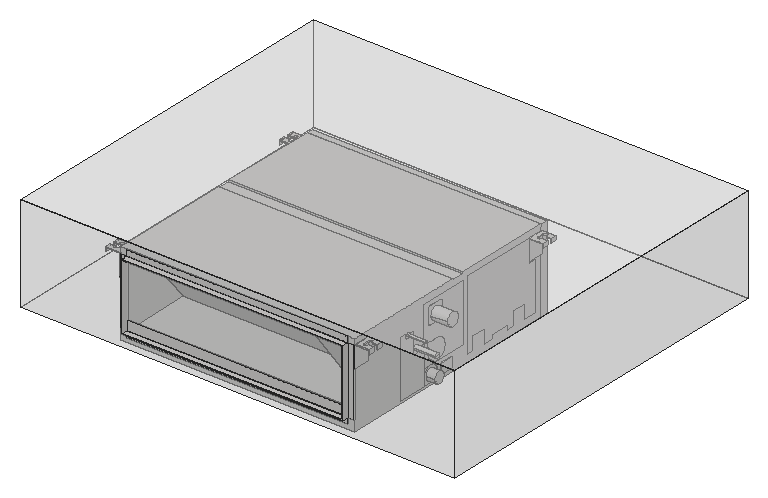
Revit family "outputfile", category 機械設備, Revit 2024
Family settings
  丸型コネクタ寸法 = 半径を使用
  パーツ タイプ = 標準
  OmniClass 番号 = 23.75.10.24.21.27.27
  OmniClass タイトル = Split System Air Conditioning Units
  作業面ベース = いいえ
  常に垂直 = はい
  ロード時にボイドで切り取り = いいえ
  注釈の向きを維持 = いいえ
  共有 = いいえ
  部屋計算ポイント = はい
Parameters (values of type "FDMFC60AV1M")
  Description = ""
  書き出し IFC クラス(タイプ) = "IfcUnitaryEquipmentType"
  定義済み IFC タイプ(タイプ) = "AIRCONDITIONINGUNIT"
  Cost = 0
  Type Comments = ""
  Keynote = ""
  Type Image = (empty or 0)
  Assembly Code = ""
  switch_frequency = yes
  connector_voltage = Voltage_50Hz  # 230 V
  connector_powerinput = [Power Input (Cooling)]  # 0.000 kW
  connector_phase = Phase_50Hz  # 1
  URL = ""
  Supply Air Direction [instance] = yes
  製造元 = "Daikin"
  モデル = "FDMFC60AV1M"
  w_pipe = 33 mm
  r_Liquid Pipe Size = Liquid Pipe Size / 2  # 3.2 mm
  r_Gas Pipe Size = Gas Pipe Size / 2  # 6.35 mm
  r_Drain Pipe Size = Drain Pipe Size / 2  # 16.0 mm
  lw_powersupply = Width / 2  # 350 mm
  lw_ductflange2 = 662 mm
  lw_Width = 662 mm
  lh_suctionflange [instance] = 100 mm
  ld_suctionflange [instance] = 190 mm
  ld_powersupply = 263 mm
  angle_vertical_RA [instance] = 90.00°
  angle horizontal_RA [instance] = 180.00°
  Voltage_comment_50Hz = "220 - 240"
  Voltage_50Hz = 230 V
  Sound Power Level_H speed (dB) = 0
  RA_length = 190 mm  # constant formula
  Phase_50Hz = 1
  Minimum External Static Pressure = 17.00 Pa
  Minimum Circuit Amps_50Hz = 0.0 A
  Maximum Fuse Amps_50Hz = 0.0 A
  Maximum External Static Pressure = 50.00 Pa
  Material_Casing = DAIKIN_GalvanizedSteel_Casing_indoorunit
  lw_liquidpipe = 407.9 mm
  lw_gaspipe = 417.5 mm
  lw_mountinghole_pitch = 746 mm
  lw_mountinghole = 20 mm
  lw_drainpipe = 376 mm
  lh_powersupply = 43.2 mm
  lh_liquidpipe = 175 mm
  lh_gaspipe = 128 mm
  lh_mountinghole = Height + [h***] - 15 mm  # 235 mm
  lh_drainpipe = 29 mm
  lh_antena = (Height - lh_mountinghole) + 1 mm  # 16 mm
  ld_liquidpipe = 153 mm
  ld_gaspipe = 123 mm
  ld_mountinghole_pitch = 651 mm
  ld_drainpipe = 64 mm
  ld_controlbox = 626 mm
  h*** = 0 mm  # constant formula
  d_dischargeflange = 20 mm  # constant formula
  Width = 700 mm
  Version = "ver.1.0"
  Unit Type = "Duct (M.S.P)"
  Unit Mass Weight = 24.00 kg
  Unit Designation [instance] = ""
  Uniclass2015Version = "Products v1.30"
  Uniclass2015Title = "Split coil room air conditioning units"
  Uniclass2015Code = "Pr_70_65_03_86"
  Total Cooling Capacity [instance] = 0.000 kW
  Sound Pressure Level_M speed (dBA) = 38
  Sound Pressure Level_L speed (dBA) = 34
  Sound Pressure Level_H speed (dBA) = 40
  Series = "SkyAir_Fan Coil Unit"
  Sensible Cooling Capacity [instance] = 0.000 kW
  SA Duct Size Width = 662 mm
  SA Duct Size Height = 200 mm
  Refrigerant Type = "R32"
  RA Duct Size Width = 662 mm
  RA Duct Size Height = 214 mm
  Power Input (Cooling) = 0.000 kW
  Option Accessory 3 [instance] = ""
  Option Accessory 2 [instance] = ""
  Option Accessory 1 [instance] = ""
  Nominal Cooling Capacity = 6.000 kW
  Minimum Airflow = 731.00 m³/h
  Median Airflow = 892.00 m³/h
  Maximum Airflow = 1000.00 m³/h
  Load Classification = HVAC
  Liquid Pipe Size = 6.4 mm
  Link_Nested Family [instance] = ""
  IfcVersion = ""
  IfcExportType = "AIRCONDITIONINGUNIT"
  IfcExportAs = "IfcUnitaryEquipmentType"
  Height = 250 mm
  Heat Exchanger Type = "Cross Fin Coil"
  Gas Pipe Size = 12.7 mm
  Frequency_50Hz = 50 Hz
  Fan Type = "Sirocco Fan"
  Fan Drive = "Direct Drive"
  FCU Tag No. [instance] = ""
  Drain Pipe Size = 32.0 mm
  Design Supply Airflow [instance] = 0.00 m³/h
  Design Return Airflow [instance] = 0.00 m³/h
  Design External Static Pressure [instance] = 0.00 Pa
  Depth = 700 mm
  既定の高さ = 0 mm
  Cooling Entering Wet Bulb Temperature [instance] = 0.00 °C
  Cooling Entering Dry Bulb Temperature [instance] = 0.00 °C
  Cooling Ambient Wet Bulb Temperature [instance] = 0.00 °C
  Cooling Ambient Dry Bulb Temperature [instance] = 0.00 °C
  Clearance visibility [instance] = yes
  Clearance Top = 20 mm
  Clearance Right = 300 mm
  Clearance Rear = 400 mm
  Clearance Left = 300 mm
  Clearance Front = 0 mm
  Clearance Bottom = 20 mm
Reference planes
  plane 1 "Center (Front/Back)": y = 0
  plane 2: z = 0
  plane 3 "Center (Left/Right)": x = 0
  plane 4 "Back": y = 350
  plane 5 "Front": y = -350
  plane 6 "Left": x = -350
  plane 7 "Right": x = 350
  plane 8 "Top": z = 0
  plane 9 "Bottom": z = -250
  plane 10: x = 331
  plane 11: x = -330.2
  plane 12: z = -72
  plane 13: z = -75
  plane 14: z = -122
  plane 15: x = -304
  plane 16: x = 304
  plane 17: x = -373
  plane 18: x = 373
  plane 19: x = 407.9
  plane 20: x = 417.5
  plane 21: z = -15
  plane 22 "Clearance Left": x = -650
  plane 23 "Clearance Right": x = 650
  plane 24 "Clearance Rear": y = 750
  plane 25 "Clearance Front": y = -350
  plane 26 "Clearance Bottom": z = -270
  plane 27: z = -21
  plane 28: z = -221
  plane 29: y = -123
  plane 30: y = -153
  plane 31: y = -30
  plane 32: y = -64
  plane 33: z = -118
  plane 34: y = -349.2
  plane 35: z = -150
  plane 36: y = 160
  plane 37: z = -151
  plane 38: x = 376
  plane 39: x = 345
  plane 40: x = 215.5
  plane 41: z = 102.5
  plane 42: y = 325.5
  plane 43: y = -325.5
  plane 44: y = 17.5
  plane 45: y = 57
  plane 46: x = 353.2
  plane 47: x = 355.2
  plane 48: y = -370
  plane 49: y = 390
  plane 50: z = -125
  plane 51: z = -70.5
  plane 52: z = -75.133
  plane 53: z = -75.5
  plane 54: z = -126.5
  plane 55: z = -239.8
  plane 56: z = -22.5
  plane 57: z = -192.5
  plane 58: z = -16
  plane 59 "Clearance Top": z = 20
  plane 60: z = -206.8
  plane 61: y = 263
  plane 62: y = -200
  plane 63: y = -300
  plane 64: y = -140
Forms (mm)
  Extrusion 1, solid, material "DAIKIN_GalvanizedSteel_Casing_indoorunit" <- "Material_Casing"
    sketch origin (0, 0, 0) x (1, 0, 0) y (0, 1, 0)
      loop
        line (-350, -349.2) -> (350, -349.2) -> (350, 350) -> (-350, 350) -> (-350, -349.2)
    from -250 to 0
  Extrusion 2, void
    sketch origin (0, 0, 1) x (1, 0, 0) y (0, 1, 0)
      loop
        line (-350, 57) -> (-350, 17.5) -> (350, 17.5) -> (350, 57) -> (-350, 57)
    from -1 to -5
  Extrusion 3, void
    sketch origin (0, 0, 0) x (0, 1, 0) y (0, 0, 1)
      loop
        line (-91.914, -222) -> (-91.914, -246.5) -> (-36.314, -246.5) -> (-36.314, -219.481)
        arc (-36.314, -219.481) -> (-65.261, -194.229) -> (-91.8, -222) r 27.8
    from 350 to 345
  Revolve 4, solid, material "DAIKIN_GalvanizedSteel_Casing_indoorunit" <- "Material_Casing"
    sketch origin (0, 0, -122) x (0, -1, 0) y (1, 0, 0)
      loop
        line (116.65, 350) -> (123, 350) -> (123, 417.5) -> (116.65, 417.5) -> (116.65, 350)
      axis (123, 350) -> (123, 417.5)
    angle from 0 to 360
  Revolve 5, solid, material "DAIKIN_GalvanizedSteel_Casing_indoorunit" <- "Material_Casing"
    sketch origin (0, 0, -75) x (0, -1, 0) y (1, 0, 0)
      loop
        line (153, 350) -> (153, 407.9) -> (149.8, 407.9) -> (149.8, 350) -> (153, 350)
      axis (153, 407.9) -> (153, 350)
    angle from 0 to 360
  Extrusion 6, solid, material "DAIKIN_GalvanizedSteel_Casing_indoorunit" <- "Material_Casing"
    sketch origin (0, 0, 0) x (0, 1, 0) y (0, 0, 1)
      loop
        circle (-64, -221) r 16
    from 376 to 350
  Extrusion 7, solid, material "DAIKIN_GalvanizedSteel_Casing_indoorunit" <- "Material_Casing"
    sketch origin (0, 0, 0) x (0, 1, 0) y (0, 0, 1)
      loop
        line (-180, -70.5) -> (-180, -239.8) -> (-95, -239.8) -> (-95, -126.5) -> (-107, -126.5)
        arc (-107, -126.5) -> (-121.5, -141) -> (-136, -126.5) r 14.5
        line (-136, -126.5) -> (-136, -75.5) -> (-141.006, -75.5)
        arc (-141.006, -75.5) -> (-153.184, -87.131) -> (-165, -75.133) r 12
        line (-165, -75.133) -> (-165, -70.5) -> (-180, -70.5)
      loop
        line (-92, -22.5) -> (-92, -192.5) -> (54, -192.5) -> (54, -22.5) -> (-92, -22.5)
      loop
        line (71, -16) -> (71, -224.802) -> (87.805, -224.802) -> (87.805, -184.607) -> (134.195, -184.606) -> (134.195, -224.802) -> (161, -224.802) -> (161, -212.302) -> (221, -212.303) -> (221, -224.802) -> (239.805, -224.802) -> (239.805, -184.606) -> (286.195, -184.606) -> (286.195, -224.802) -> (321.994, -224.802) -> (321.994, -82) -> (298.5, -82) -> (298.5, -16) -> (71, -16)
    from 350 to 353.2
  Extrusion 8, solid, material "DAIKIN_GalvanizedSteel_Casing_indoorunit" <- "Material_Casing"
    sketch origin (0, 0, 0) x (0, 1, 0) y (0, 0, 1)
      loop
        line (-27.5, -74.5) -> (-27.5, -41.5)
        arc (-27.5, -41.5) -> (-30.136, -35.136) -> (-36.5, -32.5) r 9
        line (-36.5, -32.5) -> (-69.5, -32.5)
        arc (-69.5, -32.5) -> (-75.864, -35.136) -> (-78.5, -41.5) r 9
        line (-78.5, -41.5) -> (-78.5, -74.5)
        arc (-78.5, -74.5) -> (-75.864, -80.864) -> (-69.5, -83.5) r 9
        line (-69.5, -83.5) -> (-36.5, -83.5)
        arc (-36.5, -83.5) -> (-30.136, -80.864) -> (-27.5, -74.5) r 9
      loop
        arc (8, -234.5) -> (9.415, -233.914) -> (10.001, -232.499) r 2.001
        line (10.001, -232.499) -> (9.997, -206.503)
        arc (9.997, -206.503) -> (9.412, -205.091) -> (8, -204.506) r 1.997
        line (8, -204.506) -> (-25.997, -204.506)
        arc (-25.997, -204.506) -> (-27.415, -205.094) -> (-28.002, -206.511) r 2.005
        line (-28.002, -206.511) -> (-28.002, -232.499)
        arc (-28.002, -232.499) -> (-27.416, -233.914) -> (-26.001, -234.5) r 2.001
        line (-26.001, -234.5) -> (8, -234.5)
      loop
        arc (-77.358, -152.358) -> (-25.548, -177.591) -> (-59.394, -130.95) r 29.7
        arc (-59.394, -130.95) -> (-62.843, -131.688) -> (-66.339, -131.219) r 10.3
        line (-66.339, -131.219) -> (-72.946, -129.136)
        arc (-72.946, -129.136) -> (-80.627, -131.374) -> (-81.498, -139.327) r 7.2
        line (-81.498, -139.327) -> (-78.299, -145.472)
        arc (-78.299, -145.472) -> (-77.23, -148.833) -> (-77.358, -152.358) r 10.3
    from 350 to 355.2
  Extrusion 9, solid, material "DAIKIN_GalvanizedSteel_Casing_indoorunit" <- "Material_Casing"
    sketch origin (0, 0, 0) x (0, 1, 0) y (0, 0, 1)
      loop
        circle (-53, -58) r 18.9
    from 350 to 407.9
  Extrusion 10, void
    sketch origin (0, 0, 0) x (0, 1, 0) y (0, 0, 1)
      loop
        line (-350, -18.8) -> (-350, -217.2) -> (-200, -217.2) -> (-349.2, -18.8) -> (-350, -18.8)
    from -330.2 to 331
  Extrusion 11, void
    sketch origin (0, 0, 0) x (0, 1, 0) y (0, 0, 1)
      loop
        line (-350, -18.8) -> (-350, -217.2) -> (-140, -217.2) -> (-300, -18.8) -> (-350, -18.8)
    from -330.2 to 215.5
Cuts and joins
  Extrusion 2, Extrusion 3, Extrusion 10, Extrusion 11 cuts Extrusion 1
  joined: Extrusion 7, Extrusion 8, Extrusion 9
Dimensions and locks
  "Height": plane 8 "Top" to plane 9 "Bottom"
  equal spacing: plane 15, plane 3 "Center (Left/Right)", plane 16, locked at 304 each
  locked: plane 15 to plane 16 at 608
  equal spacing: plane 17, plane 3 "Center (Left/Right)", plane 18
  "lw_mountinghole_pitch": plane 17 to plane 18
  locked: plane 12 to plane 9 "Bottom" at 178
  "lh_liquidpipe": plane 13 to plane 9 "Bottom"
  "lh_gaspipe": plane 14 to plane 9 "Bottom"
  "lh_mountinghole": plane 21 to plane 9 "Bottom"
  equal spacing: plane 6 "Left", plane 3 "Center (Left/Right)", plane 7 "Right"
  "Width": plane 6 "Left" to plane 7 "Right"
  "Clearance Right": plane 7 "Right" to plane 23 "Clearance Right"
  "Clearance Left": plane 22 "Clearance Left" to plane 6 "Left"
  "Clearance Rear": plane 24 "Clearance Rear" to plane 4 "Back"
  "Clearance Front": plane 5 "Front" to plane 25 "Clearance Front"
  locked: plane 8 "Top" to plane 27 at 21
  "Depth": plane 4 "Back" to plane 5 "Front"
  equal spacing: plane 4 "Back", plane 1 "Center (Front/Back)", plane 5 "Front"
  "ld_suctionflange": plane 4 "Back" to plane 36
  locked: plane 37 to plane 9 "Bottom" at 99
  plane 7 "Right" to plane 40 = 134.5 mm
  "r_Gas Pipe Size": nested 6 to Revolve 4 sketch curve
  "r_Liquid Pipe Size": nested 5 to Revolve 5 sketch curve
  equal spacing: plane 42, plane 1 "Center (Front/Back)", plane 43
  "ld_mountinghole_pitch": plane 42 to plane 43
  locked: plane 33 to plane 9 "Bottom" at 132
  "lw_liquidpipe": plane 3 "Center (Left/Right)" to plane 19
  "lw_gaspipe": plane 3 "Center (Left/Right)" to plane 20
  "lw_drainpipe": plane 3 "Center (Left/Right)" to plane 38
  "ld_drainpipe": plane 32 to plane 1 "Center (Front/Back)"
  "ld_gaspipe": plane 29 to plane 1 "Center (Front/Back)"
  "ld_liquidpipe": plane 30 to plane 1 "Center (Front/Back)"
  "lh_drainpipe": plane 28 to plane 9 "Bottom"
  locked: plane 7 "Right" to plane 46 at 3.2
  locked: plane 46 to plane 47 at 2
  equal spacing: plane 8 "Top", plane 50, plane 9 "Bottom"
  plane 51 to plane 52 to plane 53 to plane 54 to plane 55 = 4.633 mm locked, 0.367 mm locked, 51 mm locked, 113.3 mm locked
  plane 8 "Top" to plane 56 to plane 57 = 22.5 mm locked, 170 mm locked
  locked: plane 8 "Top" to plane 58 at 16
  locked: plane 40 to plane 10 at 115.5
  locked: plane 17 to plane 11 at 42.8
  locked: plane 39 to plane 7 "Right" at 5
  "Clearance Top": plane 59 "Clearance Top" to plane 8 "Top"
  "Clearance Bottom": plane 9 "Bottom" to plane 26 "Clearance Bottom"
  "lh_powersupply": plane 60 to plane 9 "Bottom"
  "ld_powersupply": plane 61 to plane 1 "Center (Front/Back)"
  locked: plane 34 to plane 5 "Front" at 0.8
  locked: plane 5 "Front" to plane 48 at 20
  locked: plane 5 "Front" to plane 62 at 150
  plane 5 "Front" to plane 63 to plane 64 = 50 mm locked, 160 mm locked
  "r_Drain Pipe Size": radius of Extrusion 6 sketch curve
  aligned and locked: level to plane 2
  aligned and locked: Extrusion 1 to plane 9 "Bottom"
  aligned and locked: plane 8 "Top" to Extrusion 1
  aligned and locked: Revolve 4 sketch curve to Revolve 4 sketch curve
  aligned and locked: plane 19 to nested 5
  aligned and locked: nested 5 to plane 13
  aligned and locked: plane 18 to nested 2
  aligned and locked: plane 17 to nested 3
  aligned and locked: plane 17 to nested 4
  aligned and locked: nested 6 to plane 14
  aligned and locked: plane 29 to nested 6
  aligned and locked: plane 30 to nested 5
  aligned and locked: Extrusion 6 sketch curve to plane 32
  aligned and locked: plane 8 "Top" to Extrusion 2
  aligned and locked: plane 24 "Clearance Rear" to nested 11
  aligned and locked: plane 23 "Clearance Right" to nested 11
  aligned and locked: plane 22 "Clearance Left" to nested 11
  aligned and locked: nested 11 to plane 25 "Clearance Front"
  aligned and locked: plane 7 "Right" to cut or joined group of Extrusion 1, Extrusion 2, Extrusion 3, Extrusion 10, Extrusion 11  (x3)
  aligned and locked: cut or joined group of Extrusion 1, Extrusion 2, Extrusion 3, Extrusion 10, Extrusion 11 to plane 39
  aligned and locked: plane 38 to Extrusion 6
  aligned and locked: plane 20 to nested 6
  aligned and locked: plane 3 "Center (Left/Right)" to nested 12
  aligned and locked: plane 18 to nested 1
  aligned and locked: plane 32 to nested 7
  aligned and locked: nested 7 to plane 28
  aligned and locked: plane 38 to nested 7
  aligned and locked: nested 9 to plane 1 "Center (Front/Back)"
  aligned and locked: plane 3 "Center (Left/Right)" to nested 9
  aligned and locked: plane 33 to nested 8
  aligned and locked: level to plane 8 "Top"
  aligned and locked: nested 1 to plane 42
  aligned and locked: nested 2 to plane 43
  aligned and locked: nested 4 to plane 42
  aligned and locked: nested 3 to plane 43
  aligned and locked: plane 21 to nested 12
  aligned and locked: cut or joined group of Extrusion 1, Extrusion 2, Extrusion 3, Extrusion 10, Extrusion 11 to plane 34
  aligned and locked: nested 13 to plane 33
  aligned and locked: Extrusion 2 sketch curve to plane 6 "Left"
  aligned and locked: plane 7 "Right" to Extrusion 2 sketch curve
  aligned and locked: plane 44 to Extrusion 2 sketch curve
  aligned and locked: plane 45 to Extrusion 2 sketch curve
  aligned and locked: plane 3 "Center (Left/Right)" to nested 10
  aligned and locked: nested 10 to plane 4 "Back"
  aligned and locked: plane 46 to Extrusion 7
  aligned and locked: Extrusion 7 to plane 7 "Right"
  aligned and locked: Extrusion 8 to plane 7 "Right"
  aligned and locked: plane 47 to Extrusion 8
  aligned and locked: plane 19 to Extrusion 9
  aligned and locked: Extrusion 9 to plane 7 "Right"
  aligned and locked: nested 8 to plane 48
  aligned and locked: plane 49 to nested 14
  aligned and locked: nested 14 to plane 3 "Center (Left/Right)"
  aligned and locked: nested 14 to plane 50
  aligned and locked: plane 54 to Extrusion 7 sketch curve  (x2)
  aligned and locked: plane 52 to Extrusion 7 sketch curve
  aligned and locked: plane 56 to Extrusion 7 sketch curve
  aligned and locked: plane 57 to Extrusion 7 sketch curve
  aligned and locked: plane 58 to Extrusion 7 sketch curve
  aligned and locked: plane 3 "Center (Left/Right)" to nested 13
  aligned and locked: plane 59 "Clearance Top" to nested 11
  aligned and locked: nested 11 to plane 26 "Clearance Bottom"
  aligned and locked: plane 7 "Right" to nested 15
  aligned and locked: nested 15 to plane 60
  aligned and locked: plane 34 to nested 13
  aligned and locked: plane 5 "Front" to Extrusion 10 sketch curve
  aligned and locked: cut or joined group of Extrusion 1, Extrusion 2, Extrusion 3, Extrusion 10, Extrusion 11 to plane 11  (x2)
  aligned and locked: plane 10 to cut or joined group of Extrusion 1, Extrusion 2, Extrusion 3, Extrusion 10, Extrusion 11
  aligned and locked: Extrusion 11 sketch curve to plane 5 "Front"
  aligned and locked: plane 63 to Extrusion 11 sketch curve
  aligned and locked: plane 64 to Extrusion 11 sketch curve
  aligned and locked: cut or joined group of Extrusion 1, Extrusion 2, Extrusion 3, Extrusion 10, Extrusion 11 to plane 40
  aligned and locked: Extrusion 6 to plane 7 "Right"
  aligned and locked: Revolve 4 to plane 7 "Right"
  aligned and locked: Revolve 5 to plane 7 "Right"
Automatic sketch dimensions
  Extrusion 1 sketch curve to plane 4 "Back" = 0 mm
  Extrusion 1 sketch curve to plane 6 "Left" = 0 mm
  Extrusion 1 sketch curve to plane 7 "Right" = 0 mm
  plane 34 to Extrusion 1 sketch curve = 0 mm
  Extrusion 6 sketch curve to plane 28 = 0 mm
  Revolve 4 sketch curve to plane 20 = 0 mm
  Revolve 4 sketch curve to plane 29 = 0 mm
  Revolve 4 sketch curve to Revolve 4 sketch curve = 2.003 mm
  plane 20 to Revolve 4 sketch curve = 1.003 mm
  Revolve 5 sketch curve to plane 30 = 0 mm  (x2)
  Revolve 5 sketch curve to plane 19 = 0 mm  (x2)
  Revolve 5 sketch curve to plane 7 "Right" = 0 mm
  Revolve 5 sketch curve to Revolve 5 sketch curve = 1 mm
  Revolve 4 sketch curve to plane 7 "Right" = 0 mm
  plane 9 "Bottom" to Extrusion 3 sketch curve = 3.5 mm
  Extrusion 3 sketch curve to plane 31 = 6.314 mm
  Extrusion 3 sketch curve to plane 28 = 1 mm  (x2)
  plane 32 to Extrusion 3 sketch curve = 0 mm
  Extrusion 3 sketch curve to Extrusion 3 sketch curve = 0.114 mm
  Extrusion 8 sketch curve to plane 32 = 14.5 mm
  plane 13 to Extrusion 8 sketch curve = 0.5 mm  (x2)
  Extrusion 8 sketch curve to plane 32 = 5.5 mm  (x2)
  Extrusion 8 sketch curve to plane 31 = 6.5 mm  (x2)
  Extrusion 8 sketch curve to plane 27 = 20.5 mm
  plane 31 to Extrusion 8 sketch curve = 1.998 mm
  Extrusion 8 sketch curve to Extrusion 8 sketch curve = 2.001 mm  (x2)
  Extrusion 8 sketch curve to Extrusion 8 sketch curve = 2.005 mm
  Extrusion 8 sketch curve to plane 1 "Center (Front/Back)" = 8 mm  (x2)
  plane 28 to Extrusion 8 sketch curve = 16.494 mm
  Extrusion 8 sketch curve to Extrusion 8 sketch curve = 1.994 mm
  Extrusion 8 sketch curve to Extrusion 8 sketch curve = 1.997 mm
  Extrusion 8 sketch curve to plane 32 = 17.498 mm
  Extrusion 8 sketch curve to plane 35 = 0.228 mm
  Extrusion 8 sketch curve to Extrusion 8 sketch curve = 5.937 mm
  plane 35 to Extrusion 8 sketch curve = 4.528 mm
  Extrusion 8 sketch curve to Extrusion 8 sketch curve = 3.199 mm
  Extrusion 8 sketch curve to Extrusion 8 sketch curve = 6.386 mm
  Extrusion 8 sketch curve to plane 14 = 7.136 mm
  Extrusion 8 sketch curve to Extrusion 8 sketch curve = 2.165 mm
  Extrusion 8 sketch curve to plane 32 = 2.339 mm
  plane 32 to Extrusion 8 sketch curve = 0.758 mm
  Extrusion 8 sketch curve to plane 37 = 7.5 mm
  plane 32 to Extrusion 8 sketch curve = 15.7 mm
  Extrusion 8 sketch curve to Extrusion 8 sketch curve = 6.145 mm
  Extrusion 8 sketch curve to Extrusion 8 sketch curve = 2.083 mm
  plane 14 to Extrusion 8 sketch curve = 0.604 mm
  Extrusion 8 sketch curve to Extrusion 8 sketch curve = 0 mm
  plane 32 to Extrusion 9 sketch curve = 11 mm
  plane 12 to Extrusion 9 sketch curve = 14 mm
  Extrusion 7 sketch curve to plane 30 = 0 mm
  Extrusion 7 sketch curve to plane 30 = 27 mm
  Extrusion 7 sketch curve to plane 13 = 0.5 mm
  Extrusion 7 sketch curve to Extrusion 7 sketch curve = 5.006 mm
  plane 12 to Extrusion 7 sketch curve = 1.5 mm
  Extrusion 7 sketch curve to Extrusion 7 sketch curve = 12 mm
  Extrusion 7 sketch curve to plane 30 = 12 mm
  plane 29 to Extrusion 7 sketch curve = 1.5 mm
  Extrusion 7 sketch curve to plane 32 = 28 mm
  Extrusion 7 sketch curve to Extrusion 7 sketch curve = 17 mm
  Extrusion 7 sketch curve to plane 28 = 3.802 mm  (x8)
  Extrusion 7 sketch curve to plane 42 = 27 mm
  Extrusion 7 sketch curve to plane 42 = 3.506 mm  (x2)
  Extrusion 7 sketch curve to plane 53 = 6.5 mm
  plane 57 to Extrusion 7 sketch curve = 7.893 mm
  Extrusion 7 sketch curve to Extrusion 7 sketch curve = 0 mm  (x2)
  plane 57 to Extrusion 7 sketch curve = 7.894 mm  (x2)
  plane 36 to Extrusion 7 sketch curve = 1 mm  (x2)
  plane 28 to Extrusion 7 sketch curve = 8.697 mm
  Extrusion 3 sketch curve to Extrusion 3 sketch curve = 27.914 mm
  Extrusion 7 sketch curve to plane 55 = 0 mm
  Extrusion 8 sketch curve to plane 28 = 11.499 mm
  Extrusion 7 sketch curve to Extrusion 7 sketch curve = 60 mm
  Extrusion 10 sketch curve to plane 34 = 0 mm
  plane 28 to Extrusion 10 sketch curve = 3.8 mm
  plane 27 to Extrusion 10 sketch curve = 2.2 mm
  Extrusion 10 sketch curve to plane 30 = 47 mm
  plane 28 to Extrusion 11 sketch curve = 3.8 mm
  plane 27 to Extrusion 11 sketch curve = 2.2 mm
  radius of Extrusion 9 sketch curve = 18.9 mm
Nested families
  nested 1: "daikin_mountinghole" at (373, 325.5, -250), l_antenna <- "lh_antena", Link_Nested Family <- "Link_Nested Family", h_mountinghole <- "lh_mountinghole", type "daikin_mountinghole"
    with show yes, l_antenna 16 mm, h_mountinghole 235 mm, Link_Nested Family ""
  nested 2: "daikin_mountinghole" at (373, -325.5, -250), Link_Nested Family <- "Link_Nested Family", l_antenna <- "lh_antena", h_mountinghole <- "lh_mountinghole", type "daikin_mountinghole"
    with show yes, l_antenna 16 mm, h_mountinghole 235 mm, Link_Nested Family ""
  nested 3: "daikin_mountinghole" at (-373, -325.5, -250), l_antenna <- "lh_antena", Link_Nested Family <- "Link_Nested Family", h_mountinghole <- "lh_mountinghole", type "daikin_mountinghole"
    with show yes, l_antenna 16 mm, h_mountinghole 235 mm, Link_Nested Family ""
  nested 4: "daikin_mountinghole" at (-373, 325.5, -250), l_antenna <- "lh_antena", Link_Nested Family <- "Link_Nested Family", h_mountinghole <- "lh_mountinghole", type "daikin_mountinghole"
    with show yes, l_antenna 16 mm, h_mountinghole 235 mm, Link_Nested Family ""
  nested 5: "daikin_connector_rotate2" at (0, -153, -75) x (0, 1, 0) z (0, 0, 1), length <- "lw_liquidpipe", built-in parameter 1001364 <- "lh_liquidpipe", radius <- "r_Liquid Pipe Size", type "daikin_connector_rotate2"
    with radius 3.2 mm, length 407.9 mm, angle_vertical 90.00°
  nested 6: "daikin_connector_rotate2" at (0, -123, -122) x (0, 1, 0) z (0, 0, 1), length <- "lw_gaspipe", built-in parameter 1001364 <- "lh_gaspipe", radius <- "r_Gas Pipe Size", type "daikin_connector_rotate2"
    with radius 6.35 mm, length 417.5 mm, angle_vertical 90.00°
  nested 7: "daikin_connector_rotate2" at (0, -64, -221) x (0, 1, 0) z (0, 0, 1), built-in parameter 1001364 <- "lh_drainpipe", length <- "lw_drainpipe", radius <- "r_Drain Pipe Size", type "daikin_connector_rotate2"
    with radius 16 mm, length 376 mm, angle_vertical 90.00°
  nested 8: "daikin_connector_rotate2" at (0, -350, -118), length <- "d_dischargeflange", type "daikin_connector_rotate2"
    with radius 10 mm, length 20 mm, angle_vertical 90.00°
  nested 9: "daikin_△_symbolicline" at (-75, -129.904, 250) x (-0.5, 0.866, 0) z (0, 0, 1), built-in parameter 1001364 <- "Height", visible <- "Supply Air Direction", type "daikin_△_symbolicline"
    with length 300 mm
  nested 10: "daikin_ductflange_FDMFC-AV1M_1" at (0, 350, -125), material <- "Material_Casing", width <- "lw_ductflange2", type "daikin_ductflange_FDMFC-AV1M_1"
    with width 662 mm, material DAIKIN_GalvanizedSteel_Casing_indoorunit, height 214 mm, depth 40 mm
  nested 11: "daikin_clearancespace" at (0, 200, -124.881), visible <- "Clearance visibility", show <- "Clearance visibility", Link_Nested Family <- "Link_Nested Family", type "daikin_clearancespace"
    with width 1300 mm, show yes, height 290 mm, depth 1100 mm, Link_Nested Family ""
  nested 12: "daikin_hangerfixture_FDMFC-AV1M" at (0, 0, -15), type "daikin_hangerfixture_FDMFC-AV1M"
  nested 13: "daikin_ductflange_FDMFC-AV1M" at (0, -35.7, -407.401), width <- "lw_Width", material <- "Material_Casing", type "daikin_ductflange_FDMFC-AV1M"
    with width 662 mm, material DAIKIN_GalvanizedSteel_Casing_indoorunit, height 200 mm, depth 20.8 mm
  nested 14: "daikin_connector_rotate2" at (0, 350, -125) x (-1, 0, 0) z (0, 0, 1), type "daikin_connector_rotate2"
    with radius 10 mm, length 40 mm, angle_vertical 90.00°
  nested 15: "daikin_connector_rotate2" at (0, 263, -206.8) x (0, 1, 0) z (0, 0, 1), length <- "lw_powersupply", built-in parameter 1001364 <- "lh_powersupply", type "daikin_connector_rotate2"
    with radius 10 mm, length 350 mm, angle_vertical 90.00°
Connectors
  piping at (417.5, -123, -122), diameter 12.7, driven by "r_Gas Pipe Size"
    settings: on nested 6, index 1, connector inside diameter 609.6 mm, connector length 0 mm, flow factor 0, pipe flow 0.00 m³/h, pressure drop 0.0 Pa, fitting loss kfactor 0, connector angle 0.00°, fixture units 0, engagement length 0 mm, angle of deflection 0.00°, flow configuration 1, flow direction 2, fitting loss method 0, system type 29, joint type 0, gender type 0, connector reference index -1, connector utility 0, adjustable connector no, is connector primary yes, connector description "Refrigerant Gas Piping"
  piping at (407.9, -153, -75), diameter 6.4, driven by "r_Liquid Pipe Size"
    settings: on nested 5, index 2, connector inside diameter 609.6 mm, connector length 0 mm, flow factor 0, pipe flow 0.00 m³/h, pressure drop 0.0 Pa, fitting loss kfactor 0, connector angle 0.00°, fixture units 0, engagement length 0 mm, angle of deflection 0.00°, flow configuration 1, flow direction 1, fitting loss method 0, system type 29, joint type 0, gender type 0, connector reference index -1, connector utility 0, adjustable connector no, is connector primary no, connector description "Refrigerant Liquid Piping"
  piping at (376, -64, -221), diameter 32, driven by "r_Drain Pipe Size"
    settings: on nested 7, index 3, connector inside diameter 609.6 mm, connector length 0 mm, flow factor 0, pipe flow 0.00 m³/h, pressure drop 0.0 Pa, fitting loss kfactor 0, connector angle 0.00°, fixture units 0, engagement length 0 mm, angle of deflection 0.00°, flow configuration 1, flow direction 2, fitting loss method 4, system type 16, joint type 0, gender type 0, connector reference index -1, connector utility 0, adjustable connector no, is connector primary no, connector description "Condensate Drain Piping"
  hvac at (0, -370, -118), driven by "SA Duct Size Height", driven by "SA Duct Size Width"
    settings: on nested 8, index 7, duct flow 0.00 m³/h, flow factor 0, pres drop 0.00 Pa, loss coef 0, conn angle 0.00°, conn width 662.0 mm, conn height 200.0 mm, conn diameter 609.6 mm, duct sys type 1, conn prof type 1, flow config 0, flow direction 2, loss method 4, conn ref index -1, conn util no, is conn primary yes, conn desc "SA Duct"
  hvac at (0, 390, -125), driven by "RA Duct Size Width", driven by "RA Duct Size Height"
    settings: on nested 14, index 8, duct flow 0.00 m³/h, flow factor 0, pres drop 0.00 Pa, loss coef 0, conn angle 0.00°, conn width 662.0 mm, conn height 214.0 mm, conn diameter 609.6 mm, duct sys type 2, conn prof type 1, flow config 0, flow direction 1, loss method 4, conn ref index -1, conn util no, is conn primary no, conn desc "RA Duct"
  electrical at (350, 263, -206.8), driven by "Load Classification", driven by "connector_powerinput", driven by "connector_voltage", driven by "connector_phase"
    settings: on nested 15, index 9, voltage 230 V, apparent load 0 VA, apparent load phase1 0 VA, apparent load phase2 0 VA, apparent load phase3 0 VA, power factor 1, load classification "HVAC", number of poles 1, system type 30, power factor state 1, is connector primary yes, connector utility no, sub classification motor no, connector description "Power Supply"
Definition of nested family "daikin_ductflange_FDMFC-AV1M_1"
  Parameters (values of type "daikin_ductflange_FXDQ-NDVET2")
    width [instance] = 662 mm
    material [instance] = none
    height [instance] = 214 mm
    depth [instance] = 40 mm
    Default Elevation = 0 mm
  Reference planes
    plane 1 "Center (Front/Back)": y = 0
    plane 2: z = 0
    plane 3 "Center (Left/Right)": x = 0
    plane 4: x = -331
    plane 5: x = 331
    plane 6: z = 107
    plane 7: z = -107
    plane 8: x = -350
    plane 9: x = 350
    plane 10: z = 124
    plane 11: z = -124
    plane 12: y = 20
    plane 13: x = -330.2
    plane 14: x = 330.2
    plane 15: z = 106.2
    plane 16: z = -106.2
    plane 17: y = 40
    plane 18: x = -330.2
    plane 19: z = 106.2
    plane 20: z = -106.2
    plane 21: x = 330.2
  Forms (mm)
    Extrusion 1, solid, material <- "material"
      sketch origin (0, 0, 0) x (1, 0, 0) y (0, 0, 1)
        loop
          line (-330.2, 106.2) -> (-330.2, -106.2) -> (330.2, -106.2) -> (330.2, 106.2) -> (-330.2, 106.2)
        loop
          line (-350, 124) -> (-350, -124) -> (350, -124) -> (350, 124) -> (-350, 124)
      from 0 to -20
    Extrusion 2, solid, material <- "material"
      sketch origin (0, 0, 0) x (1, 0, 0) y (0, 0, 1)
        loop
          line (-331, 107) -> (-331, -107) -> (331, -107) -> (331, 107) -> (-331, 107)
        loop
          line (-330.2, 106.2) -> (-330.2, -106.2) -> (330.2, -106.2) -> (330.2, 106.2) -> (-330.2, 106.2)
      from -40 to -20
  Cuts and joins
    joined: Extrusion 1, Extrusion 2
  Dimensions and locks
    equal spacing: plane 5, plane 3 "Center (Left/Right)", plane 4
    "width": plane 5 to plane 4
    equal spacing: plane 6, level, plane 7
    "height": plane 6 to plane 7
    locked: plane 4 to plane 8 at 19
    locked: plane 9 to plane 5 at 19
    locked: plane 10 to plane 6 at 17
    locked: plane 7 to plane 11 at 17
    locked: plane 1 "Center (Front/Back)" to plane 12 at 20
    locked: plane 13 to plane 4 at 0.8
    locked: plane 5 to plane 14 at 0.8
    locked: plane 6 to plane 15 at 0.8
    locked: plane 16 to plane 7 at 0.8
    locked: plane 12 to plane 17 at 20
    locked: plane 18 to plane 4 at 0.8
    locked: plane 5 to plane 21 at 0.8
    locked: plane 6 to plane 19 at 0.8
    locked: plane 20 to plane 7 at 0.8
    locked: plane 1 "Center (Front/Back)" to plane 17 at 40
    aligned and locked: level to plane 2
    aligned and locked: Extrusion 1 sketch curve to plane 10
    aligned and locked: plane 8 to Extrusion 1 sketch curve
    aligned and locked: Extrusion 1 sketch curve to plane 9
    aligned and locked: Extrusion 1 to plane 12
    aligned and locked: plane 1 "Center (Front/Back)" to Extrusion 1
    aligned and locked: Extrusion 1 sketch curve to plane 15
    aligned and locked: plane 13 to Extrusion 1 sketch curve
    aligned and locked: plane 16 to Extrusion 1 sketch curve
    aligned and locked: plane 11 to Extrusion 1 sketch curve
    aligned and locked: Extrusion 1 sketch curve to plane 14
    aligned and locked: Extrusion 2 sketch curve to plane 6
    aligned and locked: plane 4 to Extrusion 2 sketch curve
    aligned and locked: plane 7 to Extrusion 2 sketch curve
    aligned and locked: Extrusion 2 sketch curve to plane 5
    aligned and locked: Extrusion 2 sketch curve to Extrusion 1  (x4)
    aligned and locked: Extrusion 2 to plane 17
    aligned and locked: Extrusion 2 to Extrusion 1
  Automatic sketch dimensions
    Extrusion 1 sketch curve to plane 10 = 0 mm
Definition of nested family "daikin_clearancespace"
  Parameters (values of type "daikin_clearancespace")
    Description = "daikin_clearancespace"
    width [instance] = 1823.963 mm
    show [instance] = yes
    material = none
    height [instance] = 1359.762 mm
    depth [instance] = 880 mm
    Default Elevation = 0 mm
    Link_Nested Family [instance] = ""
  Reference planes
    plane 1 "Center (Front/Back)": y = 0
    plane 2 "Center (Elevation)": z = -0.119
    plane 3 "Center (Left/Right)": x = 0
    plane 4: y = 440
    plane 5: y = -440
    plane 6 "Right": x = 911.982
    plane 7 "Left": x = -911.982
    plane 8 "Top": z = 679.762
    plane 9 "Bottom": z = -680
  Forms (mm)
    Extrusion 1, solid, material <- "material", visible <- "show"
      sketch origin (0, 0, 0) x (1, 0, 0) y (0, 1, 0)
        loop
          line (-911.982, 440) -> (-911.982, -440) -> (911.982, -440) -> (911.982, 440) -> (-911.982, 440)
      from -680 to 679.762
  Lines and regions (mm)
    symbolic lines, visible <- "show"
      curve 1: line (911.982, 440, 0) -> (-911.982, 440, 0)
      curve 2: line (-911.982, 440, 0) -> (-911.982, -440, 0)
      curve 3: line (-911.982, -440, 0) -> (911.982, -440, 0)
      curve 4: line (911.982, -440, 0) -> (911.982, 440, 0)
      curve 5: line (911.982, 0, 679.762) -> (-911.982, 0, 679.762)
      curve 6: line (911.982, 0, -680) -> (911.982, 0, 679.762)
      curve 7: line (-911.982, 0, -680) -> (911.982, 0, -680)
      curve 8: line (-911.982, 0, 679.762) -> (-911.982, 0, -680)
      curve 9: line (0, 440, 679.762) -> (0, -440, 679.762)
      curve 10: line (0, -440, 679.762) -> (0, -440, -680)
      curve 11: line (0, 440, -680) -> (0, 440, 679.762)
      curve 12: line (0, -440, -680) -> (0, 440, -680)
  Dimensions and locks
    "width": plane 7 "Left" to plane 6 "Right"
    "depth": plane 4 to plane 5
    "height": plane 8 "Top" to plane 9 "Bottom"
    equal spacing: plane 7 "Left", plane 3 "Center (Left/Right)", plane 6 "Right"
    equal spacing: plane 4, plane 1 "Center (Front/Back)", plane 5
    equal spacing: plane 8 "Top", plane 2 "Center (Elevation)", plane 9 "Bottom"
    aligned and locked: level to plane 2 "Center (Elevation)"
    aligned and locked: Extrusion 1 sketch curve to plane 4
    aligned and locked: plane 7 "Left" to Extrusion 1 sketch curve
    aligned and locked: Extrusion 1 sketch curve to plane 5
    aligned and locked: Extrusion 1 sketch curve to plane 6 "Right"
    aligned and locked: plane 8 "Top" to Extrusion 1
    aligned and locked: curve 1 to Extrusion 1
    aligned and locked: curve 2 to Extrusion 1
    aligned and locked: curve 3 to Extrusion 1
    aligned and locked: curve 4 to Extrusion 1
    aligned and locked: curve 5 to Extrusion 1
    aligned and locked: curve 6 to Extrusion 1
    aligned and locked: curve 7 to Extrusion 1
    aligned and locked: curve 8 to Extrusion 1
    aligned and locked: curve 9 to Extrusion 1
    aligned and locked: curve 10 to Extrusion 1
    aligned and locked: curve 11 to Extrusion 1
    aligned and locked: curve 12 to Extrusion 1
    aligned and locked: Extrusion 1 to plane 9 "Bottom"
Definition of nested family "daikin_hangerfixture_FDMFC-AV1M"
  Parameters (values of type "daikin_hangerfixture_FDMFC-AV1M")
    width = 700 mm
    material = none
    height = 65 mm
    depth = 700 mm
    Default Elevation = 0 mm
  Reference planes
    plane 1 "Center (Front/Back)": y = 0
    plane 2: z = 0
    plane 3 "Center (Left/Right)": x = 0
    plane 4: x = 350
    plane 5: y = 350
    plane 6: y = -350
    plane 7: x = -350
    plane 8: z = -65
    plane 9: y = 325.5
    plane 10: y = -325.5
    plane 11: y = 302
    plane 12: y = -302
    plane 13: x = 373
    plane 14: x = -373
  Forms (mm)
    Extrusion 1, void
      sketch origin (0, 0, 0) x (-1, 0, 0) y (0, -1, 0)
        loop
          arc (366.995, -334.5) -> (373, -340.5) -> (378.995, -334.489) r 6
          line (378.995, -334.489) -> (378.995, -333)
          arc (378.995, -333) -> (379.288, -332.293) -> (379.995, -332) r 1
          line (379.995, -332) -> (394.995, -332) -> (394.995, -319) -> (379.995, -319)
          arc (379.995, -319) -> (379.288, -318.707) -> (378.995, -318) r 1
          line (378.995, -318) -> (378.995, -316.464)
          arc (378.995, -316.464) -> (372.977, -310.5) -> (366.995, -316.5) r 6
          line (366.995, -316.5) -> (366.995, -334.5)
        loop
          line (367.28, 334.5) -> (367.28, 316.5)
          arc (367.28, 316.5) -> (373, 310.507) -> (379.254, 315.94) r 6
          line (379.254, 315.94) -> (379.254, 318)
          arc (379.254, 318) -> (379.547, 318.707) -> (380.254, 319) r 1
          line (380.254, 319) -> (395.254, 319) -> (395.254, 332) -> (380.254, 332)
          arc (380.254, 332) -> (379.547, 332.293) -> (379.254, 333) r 1
          line (379.254, 333) -> (379.254, 334.5)
          arc (379.254, 334.5) -> (373.267, 340.487) -> (367.28, 334.5) r 5.987
      from -254.96 to 618
    Extrusion 2, solid, material <- "material"
      sketch origin (0, 0, 0) x (-1, 0, 0) y (0, 0, 1)
        loop
          line (350, 0) -> (350, -65) -> (352.3, -65) -> (352.3, -2.3) -> (392.7, -2.3) -> (392.7, -12) -> (395, -12) -> (395, 0) -> (350, 0)
      from -349.5 to -301.5
    Extrusion 3, solid, material <- "material"
      sketch origin (0, 0, 0) x (1, 0, 0) y (0, 0, 1)
        loop
          line (350, 0) -> (350, -65) -> (352.3, -65) -> (352.3, -2.3) -> (392.7, -2.3) -> (392.7, -12) -> (395, -12) -> (395, 0) -> (350, 0)
      from -349.5 to -301.5
    Extrusion 4, void
      sketch origin (0, 0, 0) x (1, 0, 0) y (0, 1, 0)
        loop
          line (366.995, 334.5) -> (366.995, 316.5)
          arc (366.995, 316.5) -> (372.977, 310.5) -> (378.995, 316.464) r 6
          line (378.995, 316.464) -> (378.995, 318)
          arc (378.995, 318) -> (379.288, 318.707) -> (379.995, 319) r 1
          line (379.995, 319) -> (394.995, 319) -> (394.995, 332) -> (379.995, 332)
          arc (379.995, 332) -> (379.288, 332.293) -> (378.995, 333) r 1
          line (378.995, 333) -> (378.995, 334.489)
          arc (378.995, 334.489) -> (373, 340.5) -> (366.995, 334.5) r 6
        loop
          arc (367.026, -334.5) -> (373.026, -340.5) -> (379.026, -334.5) r 6
          line (379.026, -334.5) -> (379.026, -333)
          arc (379.026, -333) -> (379.319, -332.293) -> (380.026, -332) r 1
          line (380.026, -332) -> (395.026, -332) -> (395.026, -319) -> (380.026, -319)
          arc (380.026, -319) -> (379.319, -318.707) -> (379.026, -318) r 1
          line (379.026, -318) -> (379.026, -316.448)
          arc (379.026, -316.448) -> (373, -310.5) -> (367.026, -316.5) r 6
          line (367.026, -316.5) -> (367.026, -334.5)
      from -254.96 to 618
    Extrusion 5, solid, material <- "material"
      sketch origin (0, 0, 0) x (1, 0, 0) y (0, 0, -1)
        loop
          line (350, 0) -> (395, 0) -> (395, 12) -> (392.7, 12) -> (392.7, 2.3) -> (352.3, 2.3) -> (352.3, 65) -> (350, 65) -> (350, 0)
      from -349.5 to -301.5
    Extrusion 6, solid, material <- "material"
      sketch origin (0, 0, 0) x (-1, 0, 0) y (0, 0, -1)
        loop
          line (350, 0) -> (395, 0) -> (395, 12) -> (392.7, 12) -> (392.7, 2.3) -> (352.3, 2.3) -> (352.3, 65) -> (350, 65) -> (350, 0)
      from -349.5 to -301.5
  Cuts and joins
    Extrusion 1 cuts Extrusion 2
    Extrusion 4 cuts Extrusion 3
    Extrusion 4 cuts Extrusion 5
    Extrusion 1 cuts Extrusion 6
  Dimensions and locks
    equal spacing: plane 5, plane 1 "Center (Front/Back)", plane 6
    "depth": plane 5 to plane 6
    plane 6 to plane 1 "Center (Front/Back)" to plane 5 = 350 mm, 350 mm
    equal spacing: plane 4, plane 3 "Center (Left/Right)", plane 7
    "width": plane 4 to plane 7
    "height": level to plane 8
    equal spacing: plane 10, plane 1 "Center (Front/Back)", plane 9
    plane 10 to plane 9 = 651 mm
    plane 5 to plane 11 = 48 mm
    plane 12 to plane 6 = 48 mm
    locked: plane 7 to plane 14 at 23
    locked: plane 13 to plane 4 at 23
    plane 14 to plane 13 = 746 mm
    aligned and locked: level to plane 2
  Automatic sketch dimensions
    Extrusion 1 sketch curve to plane 7 = 17.28 mm
    Extrusion 1 sketch curve to plane 7 = 16.995 mm
    Extrusion 1 sketch curve to Extrusion 1 sketch curve = 5.987 mm  (x2)
    Extrusion 1 sketch curve to Extrusion 1 sketch curve = 6 mm  (x5)
    Extrusion 1 sketch curve to Extrusion 1 sketch curve = 5.974 mm
    Extrusion 1 sketch curve to Extrusion 1 sketch curve = 1 mm  (x5)
    plane 9 to Extrusion 1 sketch curve = 6.5 mm
    Extrusion 1 sketch curve to Extrusion 1 sketch curve = 15 mm  (x2)
    plane 10 to Extrusion 1 sketch curve = 6.5 mm
    Extrusion 1 sketch curve to plane 9 = 6.5 mm
    Extrusion 1 sketch curve to Extrusion 1 sketch curve = 1.49 mm
    plane 9 to Extrusion 1 sketch curve = 9 mm
    Extrusion 1 sketch curve to plane 10 = 9.56 mm
    Extrusion 1 sketch curve to Extrusion 1 sketch curve = 2.06 mm
    Extrusion 1 sketch curve to plane 10 = 6.5 mm
    Extrusion 1 sketch curve to Extrusion 1 sketch curve = 1.5 mm
    Extrusion 1 sketch curve to Extrusion 1 sketch curve = 0 mm  (x4)
    Extrusion 2 sketch curve to plane 7 = 0 mm
    Extrusion 2 sketch curve to plane 8 = 0 mm
    Extrusion 2 sketch curve to level = 0 mm
    Extrusion 2 sketch curve to plane 7 = 2.3 mm
    Extrusion 2 sketch curve to level = 2.3 mm
    Extrusion 2 sketch curve to Extrusion 2 sketch curve = 40.4 mm
    Extrusion 2 sketch curve to Extrusion 2 sketch curve = 2.3 mm
    Extrusion 2 sketch curve to Extrusion 2 sketch curve = 9.7 mm
    Extrusion 3 sketch curve to plane 4 = 0 mm
    Extrusion 3 sketch curve to plane 8 = 0 mm
    Extrusion 3 sketch curve to level = 0 mm
    plane 4 to Extrusion 3 sketch curve = 2.3 mm
    Extrusion 3 sketch curve to level = 2.3 mm
    Extrusion 3 sketch curve to Extrusion 3 sketch curve = 40.4 mm
    Extrusion 3 sketch curve to Extrusion 3 sketch curve = 2.3 mm
    Extrusion 3 sketch curve to Extrusion 3 sketch curve = 9.7 mm
    plane 4 to Extrusion 4 sketch curve = 17.026 mm
    plane 4 to Extrusion 4 sketch curve = 16.995 mm
    Extrusion 4 sketch curve to Extrusion 4 sketch curve = 6 mm  (x8)
    Extrusion 4 sketch curve to Extrusion 4 sketch curve = 1 mm  (x6)
    plane 9 to Extrusion 4 sketch curve = 6.5 mm
    Extrusion 4 sketch curve to Extrusion 4 sketch curve = 15 mm  (x2)
    plane 10 to Extrusion 4 sketch curve = 6.5 mm
    Extrusion 4 sketch curve to Extrusion 4 sketch curve = 1.5 mm
    Extrusion 4 sketch curve to plane 10 = 6.5 mm
    Extrusion 4 sketch curve to plane 10 = 9 mm
    Extrusion 4 sketch curve to Extrusion 4 sketch curve = 2.536 mm
    Extrusion 4 sketch curve to plane 9 = 6.5 mm
    Extrusion 4 sketch curve to Extrusion 4 sketch curve = 1.49 mm
    Extrusion 4 sketch curve to Extrusion 4 sketch curve = 0 mm  (x4)
    Extrusion 5 sketch curve to plane 4 = 0 mm
    Extrusion 5 sketch curve to plane 8 = 0 mm
    Extrusion 5 sketch curve to level = 0 mm
    plane 4 to Extrusion 5 sketch curve = 2.3 mm
    Extrusion 5 sketch curve to level = 2.3 mm
    Extrusion 5 sketch curve to Extrusion 5 sketch curve = 40.4 mm
    Extrusion 5 sketch curve to Extrusion 5 sketch curve = 2.3 mm
    Extrusion 5 sketch curve to Extrusion 5 sketch curve = 9.7 mm
    Extrusion 6 sketch curve to plane 7 = 0 mm
    Extrusion 6 sketch curve to plane 8 = 0 mm
    Extrusion 6 sketch curve to level = 0 mm
    Extrusion 6 sketch curve to plane 7 = 2.3 mm
    Extrusion 6 sketch curve to level = 2.3 mm
    Extrusion 6 sketch curve to Extrusion 6 sketch curve = 40.4 mm
    Extrusion 6 sketch curve to Extrusion 6 sketch curve = 2.3 mm
    Extrusion 6 sketch curve to Extrusion 6 sketch curve = 9.7 mm
Definition of nested family "daikin_ductflange_FDMFC-AV1M"
  Parameters (values of type "daikin_ductflange_FXDQ-NDVET")
    width [instance] = 962 mm
    material [instance] = none
    height [instance] = 200 mm
    depth [instance] = 20.8 mm
    Default Elevation = 0 mm
  Reference planes
    plane 1 "Center (Front/Back)": y = 0
    plane 2: z = 189.401
    plane 3 "Center (Left/Right)": x = 0
    plane 4: y = -313.5
    plane 5: y = -334.3
    plane 6: z = 389.401
    plane 7: z = 289.401
    plane 8: z = 388.601
    plane 9: z = 190.201
    plane 10: x = -481
    plane 11: x = 481
    plane 12: y = -314.3
    plane 13: x = -480.2
    plane 14: x = 480.2
    plane 15: x = -500
    plane 16: x = 500
  Forms (mm)
    Extrusion 1, solid, material <- "material"
      sketch origin (0, 0, 189.401) x (1, 0, 0) y (0, 1, 0)
        loop
          line (480.2, -334.3) -> (481, -334.3) -> (481, -314.3) -> (500, -314.3) -> (500, -313.5) -> (480.2, -313.5) -> (480.2, -334.3)
        loop
          line (-480.2, -334.3) -> (-480.2, -313.5) -> (-500, -313.5) -> (-500, -314.3) -> (-481, -314.3) -> (-481, -334.3) -> (-480.2, -334.3)
      from 0 to 200
    Extrusion 2, solid, material <- "material"
      sketch origin (0, 0, 0) x (0, 1, 0) y (0, 0, 1)
        loop
          line (-313.5, 388.601) -> (-313.5, 407.401) -> (-314.3, 407.401) -> (-314.3, 389.401) -> (-334.3, 389.401) -> (-334.3, 388.601) -> (-313.5, 388.601)
        loop
          line (-313.5, 190.201) -> (-334.3, 190.201) -> (-334.3, 189.401) -> (-314.3, 189.401) -> (-314.3, 171.401) -> (-313.5, 171.401) -> (-313.5, 190.201)
      from -481 to 481
    Extrusion 3, solid, material <- "material"
      sketch origin (0, 0, 0) x (0, 1, 0) y (0, 0, 1)
        loop
          line (-314.3, 218.401) -> (-314.3, 189.401) -> (-313.5, 189.401) -> (-313.5, 218.401) -> (-314.3, 218.401)
      from -481 to 481
  Cuts and joins
    joined: Extrusion 1, Extrusion 2, Extrusion 3
  Dimensions and locks
    plane 4 to plane 1 "Center (Front/Back)" = 313.5 mm
    "depth": plane 5 to plane 4
    equal spacing: plane 6, plane 7, level
    plane 6 to plane 8 = 0.8 mm
    locked: plane 9 to level at 0.8
    "height": plane 6 to level
    equal spacing: plane 11, plane 3 "Center (Left/Right)", plane 10
    "width": plane 11 to plane 10
    locked: plane 4 to plane 12 at 0.8
    plane 14 to plane 11 to plane 16 = 0.8 mm locked, 19 mm locked
    plane 15 to plane 10 to plane 13 = 19 mm locked, 0.8 mm locked
    aligned and locked: level to plane 2
    aligned and locked: Extrusion 2 to plane 9
    aligned and locked: Extrusion 2 to plane 8
    aligned and locked: plane 6 to Extrusion 1
    aligned and locked: Extrusion 1 to level
    aligned and locked: level to Extrusion 2 sketch curve
    aligned and locked: Extrusion 1 sketch curve to plane 15
    aligned and locked: Extrusion 1 sketch curve to plane 12
    aligned and locked: plane 4 to Extrusion 1 sketch curve
    aligned and locked: Extrusion 1 sketch curve to plane 10
    aligned and locked: plane 13 to Extrusion 1 sketch curve
    aligned and locked: plane 14 to Extrusion 1 sketch curve
    aligned and locked: Extrusion 1 sketch curve to plane 11
    aligned and locked: Extrusion 1 sketch curve to plane 16
    aligned and locked: Extrusion 1 sketch curve to plane 4
    aligned and locked: plane 12 to Extrusion 1 sketch curve
    aligned and locked: cut or joined group of Extrusion 1, Extrusion 2, Extrusion 3 to plane 10  (x2)
    aligned and locked: plane 11 to cut or joined group of Extrusion 1, Extrusion 2, Extrusion 3  (x2)
  Automatic sketch dimensions
    Extrusion 2 sketch curve to plane 5 = 0 mm  (x2)
    Extrusion 2 sketch curve to plane 4 = 0 mm  (x2)
    Extrusion 2 sketch curve to plane 9 = 0 mm
    Extrusion 2 sketch curve to plane 8 = 0 mm
    Extrusion 2 sketch curve to plane 4 = 0.8 mm  (x2)
    plane 6 to Extrusion 2 sketch curve = 18 mm
    Extrusion 2 sketch curve to level = 18 mm
    Extrusion 2 sketch curve to plane 6 = 0 mm
    Extrusion 3 sketch curve to level = 0 mm
    Extrusion 3 sketch curve to plane 4 = 0 mm
    Extrusion 3 sketch curve to Extrusion 3 sketch curve = 0.8 mm
    plane 9 to Extrusion 3 sketch curve = 28.2 mm
    Extrusion 1 sketch curve to plane 5 = 0 mm  (x2)
Definition of nested family "daikin_mountinghole"
  Parameters (values of type "daikin_mountinghole")
    Default Elevation = 1219.2 mm
    Type Comments = "mountinghole"
    show [instance] = yes
    material = none
    l_centerline = 100 mm
    l_antenna [instance] = 100 mm
    h_mountinghole [instance] = 0 mm
    d_circle = 30 mm
    Link_Nested Family [instance] = ""
  Reference planes
    plane 1 "Center (Front/Back)": y = 0
    plane 2: z = 0
    plane 3 "Center (Left/Right)": x = 0
    plane 4: y = 50
    plane 5: x = -50
    plane 6: x = 50
    plane 7: y = -50
    plane 8 "h_mountinghole": z = 0
    plane 9: z = 100
  Lines and regions (mm)
    model lines, detail levels fine
      curve 1: circle (0, 0, 0) r 15 normal (0, 0, 1)
      curve 2: line (-50, 0, 0) -> (50, 0, 0)
      curve 3: line (0, 50, 0) -> (0, -50, 0)
    symbolic lines, detail levels fine
      curve 4: circle (0, 0, 0) r 15 normal (0, 0, 1)
      curve 5: line (-50, 0, 0) -> (50, 0, 0)
      curve 6: line (0, 50, 0) -> (0, -50, 0)
    model lines
      curve 7: line (0, 0, 100) -> (0, 0, 0)
  Dimensions and locks
    equal spacing: plane 4, plane 1 "Center (Front/Back)", plane 7
    "l_centerline": plane 4 to plane 7
    equal spacing: plane 5, plane 3 "Center (Left/Right)", plane 6
    "l_centerline": plane 5 to plane 6
    "l_antenna": plane 9 to plane 8 "h_mountinghole"
    "h_mountinghole": plane 8 "h_mountinghole" to plane 2
    "d_circle": diameter of curve 1
    "d_circle": diameter of curve 4
    aligned and locked: level to plane 2
    aligned and locked: plane 1 "Center (Front/Back)" to curve 1
    aligned and locked: plane 3 "Center (Left/Right)" to curve 1
    aligned and locked: plane 1 "Center (Front/Back)" to curve 2
    aligned and locked: curve 3 to plane 3 "Center (Left/Right)"
    aligned and locked: plane 6 to curve 2
    aligned and locked: plane 5 to curve 2
    aligned and locked: plane 4 to curve 3
    aligned and locked: plane 7 to curve 3
    aligned and locked: plane 1 "Center (Front/Back)" to curve 4
    aligned and locked: plane 3 "Center (Left/Right)" to curve 4
    aligned and locked: plane 6 to curve 5
    aligned and locked: plane 5 to curve 5
    aligned and locked: plane 1 "Center (Front/Back)" to curve 5
    aligned and locked: plane 4 to curve 6
    aligned and locked: plane 7 to curve 6
    aligned and locked: curve 6 to plane 3 "Center (Left/Right)"
    aligned and locked: curve 7 to plane 3 "Center (Left/Right)"
    aligned and locked: plane 9 to curve 7
    aligned and locked: plane 8 "h_mountinghole" to curve 7
Definition of nested family "daikin_connector_rotate2"
  Parameters (values of type "daikin_connector_rotate2")
    show_face = no
    radius [instance] = 10 mm
    length [instance] = 600 mm
    d_surface = 10 mm
    angle_vertical [instance] = 90.00°
    Default Elevation = 0 mm
  Reference planes
    plane 1 "Center (Front/Back)": y = 0
    plane 2: z = 0
    plane 3 "Center (Left/Right)": x = 0
  Forms (mm)
    Extrusion 1, solid, visible <- "show_face"
      sketch origin (0, -600, 0) x (1, 0, 0) y (0, 0, 1)
        loop
          circle (0, 0) r 10
      from 0 to -10
  Lines and regions (mm)
    reference lines
      curve 1: line (0, 0, 0) -> (0, -600, 0)
    symbolic lines
      curve 2: circle (0, 0, 0) r 5 normal (0, 0, 1)
    model lines, visible <- "show_face"
      curve 3: line (0, 0, 0) -> (0, -600, 0)
  Dimensions and locks
    "length": curve 1 to curve 1
    "length": curve 3 to curve 3
    "d_surface": Extrusion 1 to Extrusion 1
    "radius": radius of Extrusion 1 sketch curve
    "angle_vertical": angle curve 1 to plane 1 "Center (Front/Back)"
    "angle_vertical": angle curve 3 to plane 1 "Center (Front/Back)"
    aligned and locked: level to plane 2
    aligned and locked: plane 1 "Center (Front/Back)" to curve 1
    aligned and locked: plane 2 to curve 1
    aligned and locked: plane 1 "Center (Front/Back)" to curve 2
    aligned and locked: plane 3 "Center (Left/Right)" to curve 2
    aligned and locked: plane 1 "Center (Front/Back)" to curve 3
    aligned and locked: plane 2 to curve 3
    aligned and locked: Extrusion 1 to Extrusion 1
  Automatic sketch dimensions
    Extrusion 1 sketch curve to level = 0 mm
    Extrusion 1 sketch curve to plane 3 "Center (Left/Right)" = 0 mm
    radius of curve 2 = 5 mm
Definition of nested family "daikin_△_symbolicline"
  Parameters (values of type "daikin_△_symbolicline")
    length [instance] = 500 mm
    Default Elevation = 0 mm
  Reference planes
    plane 1 "Center (Front/Back)": y = 0
    plane 2: z = 0
    plane 3 "Center (Left/Right)": x = 0
  Lines and regions (mm)
    symbolic lines
      curve 1: line (0, -433.013, 0) -> (250, 0, 0)
      curve 2: line (250, 0, 0) -> (-250, 0, 0)
      curve 3: line (-250, 0, 0) -> (0, -433.013, 0)
  Dimensions and locks
    equal spacing: curve 3, plane 3 "Center (Left/Right)", curve 2
    "length": curve 3 to curve 2
    "length": curve 3 to curve 3
    "length": curve 1 to curve 1
    aligned and locked: level to plane 2
    aligned and locked: curve 2 to plane 1 "Center (Front/Back)"
    aligned and locked: plane 3 "Center (Left/Right)" to curve 3
